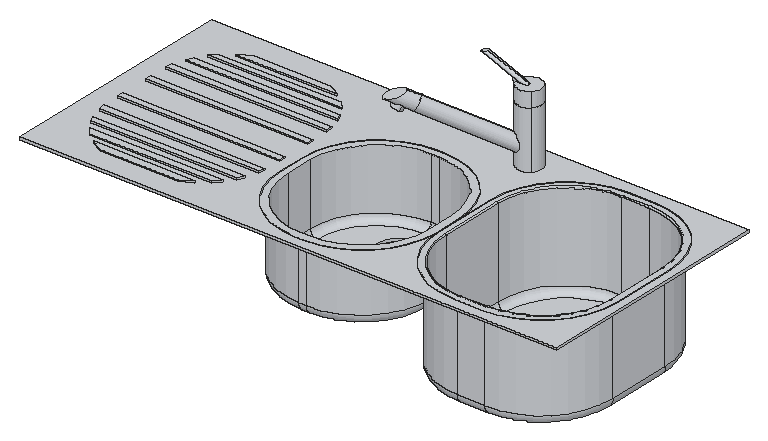
Revit family
Parameters (values of type "1120 x 500mm")
  Tap Material = none
  Material = none
  Manufacturer = "Revit"
  Description = "Sink"
  Assembly Code = ""
Reference planes
  plane 1 "Center (Front/Back)": y = 0
  plane 2: z = 0
  plane 3 "Center (Left/Right)": x = 0
  plane 4: z = 850
Forms (mm)
  Extrusion 1, solid, material <- "Material"
    sketch origin (541.731, 0, 650) x (1, 0, 0) y (0, 1, 0)
      loop
        arc (-325.184, -69.583) -> (-292.878, -147.577) -> (-214.885, -179.883) r 110.3
        line (-214.885, -179.883) -> (-157.084, -179.883)
        arc (-157.084, -179.883) -> (-79.09, -147.577) -> (-46.784, -69.583) r 110.3
        line (-46.784, -69.583) -> (-46.784, 67.191)
        arc (-46.784, 67.191) -> (-79.09, 145.185) -> (-157.084, 177.491) r 110.3
        line (-157.084, 177.491) -> (-214.885, 177.491)
        arc (-214.885, 177.491) -> (-292.878, 145.185) -> (-325.184, 67.191) r 110.3
        line (-325.184, 67.191) -> (-325.184, -69.583)
      loop
        circle (-185.984, 113.214) r 47.433
    from -5 to 0
  Sweep 2, solid, material <- "Material"
    path origin (541.731, 0, 650) x (1, 0, 0) y (0, 1, 0)
      loop
        arc (-354.885, -69.583) -> (-313.88, -168.578) -> (-214.885, -209.583) r 140
        line (-214.885, -209.583) -> (-157.084, -209.583)
        arc (-157.084, -209.583) -> (-58.089, -168.578) -> (-17.084, -69.583) r 140
        line (-17.084, -69.583) -> (-17.084, 67.191)
        arc (-17.084, 67.191) -> (-58.089, 166.186) -> (-157.084, 207.191) r 140
        line (-157.084, 207.191) -> (-214.885, 207.191)
        arc (-214.885, 207.191) -> (-313.88, 166.186) -> (-354.885, 67.191) r 140
        line (-354.885, 67.191) -> (-354.885, -69.583)
    profile origin (0, -1.196, 0) x (-1, 0, 0) y (0, 0, 1)
      loop
        line (-168.846, 850) -> (-181.857, 850)
        arc (-181.857, 850) -> (-183.264, 849.417) -> (-183.846, 848.011) r 1.989
        line (-183.846, 848.011) -> (-183.846, 665)
        arc (-183.846, 665) -> (-188.24, 654.393) -> (-198.846, 650) r 15
        line (-198.846, 650) -> (-216.546, 650) -> (-216.546, 645) -> (-198.846, 645)
        arc (-198.846, 645) -> (-184.704, 650.858) -> (-178.846, 665) r 20
        line (-178.846, 665) -> (-178.846, 845) -> (-168.846, 845) -> (-168.846, 850)
  Sweep 3, solid, material <- "Material"
    path origin (-9.13, -15, 0) x (1, 0, 0) y (0, 1, 0)
      loop
        line (-134.338, 0.793) -> (-134.338, -58.011)
        arc (-134.338, -58.011) -> (-93.333, -157.006) -> (5.662, -198.011) r 140
        line (5.662, -198.011) -> (21.646, -198.011)
        arc (21.646, -198.011) -> (120.641, -157.006) -> (161.646, -58.011) r 140
        line (161.646, -58.011) -> (161.646, 0.793)
        arc (161.646, 0.793) -> (120.641, 99.788) -> (21.646, 140.793) r 140
        line (21.646, 140.793) -> (5.662, 140.793)
        arc (5.662, 140.793) -> (-93.333, 99.788) -> (-134.338, 0.793) r 140
    profile origin (0, -43.609, 0) x (1, 0, 0) y (0, 0, 1)
      loop
        line (-158.468, 850) -> (-158.468, 845) -> (-148.468, 845) -> (-148.468, 721.944)
        arc (-148.468, 721.944) -> (-142.61, 707.802) -> (-128.468, 701.944) r 20
        line (-128.468, 701.944) -> (-110.768, 701.944) -> (-110.768, 706.944) -> (-128.468, 706.944)
        arc (-128.468, 706.944) -> (-139.075, 711.338) -> (-143.468, 721.944) r 15
        line (-143.468, 721.944) -> (-143.468, 850) -> (-158.468, 850)
  Extrusion 4, solid, material <- "Material"
    sketch origin (192.75, -74.178, 650) x (1, 0, 0) y (0, 1, 0)
      loop
        line (-180.234, 167.271) -> (-196.218, 167.271)
        arc (-196.218, 167.271) -> (-272.091, 135.844) -> (-303.518, 59.972) r 107.3
        line (-303.518, 59.972) -> (-303.518, 1.167)
        arc (-303.518, 1.167) -> (-272.091, -74.705) -> (-196.218, -106.133) r 107.3
        line (-196.218, -106.133) -> (-180.234, -106.133)
        arc (-180.234, -106.133) -> (-104.362, -74.705) -> (-72.934, 1.167) r 107.3
        line (-72.934, 1.167) -> (-72.934, 59.972)
        arc (-72.934, 59.972) -> (-104.362, 135.844) -> (-180.234, 167.271) r 107.3
      loop
        circle (-188.427, 109.786) r 47.433
    from 51.944 to 56.944
  Extrusion 5, solid
    sketch origin (0, 0, 650) x (1, 0, 0) y (0, 1, 0)
      loop
        line (-560, 250.228) -> (-560, -249.772) -> (560, -249.772) -> (560, 250.228) -> (-560, 250.228)
      loop
        arc (-3.468, 140.793) -> (-113.07, 95.395) -> (-158.468, -14.207) r 155
        line (-158.468, -14.207) -> (-158.468, -73.011)
        arc (-158.468, -73.011) -> (-113.07, -182.613) -> (-3.468, -228.011) r 155
        line (-3.468, -228.011) -> (12.516, -228.011)
        arc (12.516, -228.011) -> (122.118, -182.613) -> (167.516, -73.011) r 155
        line (167.516, -73.011) -> (167.516, -14.207)
        arc (167.516, -14.207) -> (122.118, 95.395) -> (12.516, 140.793) r 155
        line (12.516, 140.793) -> (-3.468, 140.793)
      loop
        arc (326.846, 225.191) -> (215.123, 178.914) -> (168.846, 67.191) r 158
        line (168.846, 67.191) -> (168.846, -69.583)
        arc (168.846, -69.583) -> (215.123, -181.306) -> (326.846, -227.583) r 158
        line (326.846, -227.583) -> (384.647, -227.583)
        arc (384.647, -227.583) -> (496.37, -181.306) -> (542.647, -69.583) r 158
        line (542.647, -69.583) -> (542.647, 67.191)
        arc (542.647, 67.191) -> (496.37, 178.914) -> (384.647, 225.191) r 158
        line (384.647, 225.191) -> (326.846, 225.191)
    from 195 to 200
  Extrusion 6, solid, detail levels medium+fine
    sketch origin (0, 0, 850) x (1, 0, 0) y (0, 1, 0)
      loop
        arc (-428.457, 194.228) -> (-441.991, 188.115) -> (-454.801, 180.602) r 140
        line (-454.801, 180.602) -> (-242.745, 180.602)
        arc (-242.745, 180.602) -> (-255.555, 188.115) -> (-269.089, 194.228) r 140
        line (-269.089, 194.228) -> (-428.457, 194.228)
      loop
        arc (-475.85, 163.57) -> (-482.149, 156.955) -> (-488.004, 149.944) r 140
        line (-488.004, 149.944) -> (-209.542, 149.944)
        arc (-209.542, 149.944) -> (-215.396, 156.955) -> (-221.696, 163.57) r 140
        line (-221.696, 163.57) -> (-475.85, 163.57)
      loop
        arc (-500.821, 130.357) -> (-504.227, 123.63) -> (-507.267, 116.731) r 140
        line (-507.267, 116.731) -> (-190.279, 116.731)
        arc (-190.279, 116.731) -> (-193.319, 123.63) -> (-196.725, 130.357) r 140
        line (-196.725, 130.357) -> (-500.821, 130.357)
      loop
        arc (-515.129, 90.331) -> (-516.269, 83.542) -> (-517.074, 76.705) r 140
        line (-517.074, 76.705) -> (-180.472, 76.705)
        arc (-180.472, 76.705) -> (-181.277, 83.542) -> (-182.417, 90.331) r 140
        line (-182.417, 90.331) -> (-515.129, 90.331)
      loop
        line (-517.673, 38.382) -> (-517.673, 24.756) -> (-179.873, 24.756) -> (-179.873, 38.382) -> (-517.673, 38.382)
      loop
        line (-517.673, -34.004) -> (-517.673, -47.63) -> (-179.873, -47.63) -> (-179.873, -34.004) -> (-517.673, -34.004)
      loop
        arc (-517.074, -85.952) -> (-516.269, -92.789) -> (-515.129, -99.578) r 140
        line (-515.129, -99.578) -> (-182.417, -99.578)
        arc (-182.417, -99.578) -> (-181.277, -92.789) -> (-180.472, -85.952) r 140
        line (-180.472, -85.952) -> (-517.074, -85.952)
      loop
        arc (-507.267, -125.978) -> (-504.227, -132.878) -> (-500.821, -139.604) r 140
        line (-500.821, -139.604) -> (-196.725, -139.604)
        arc (-196.725, -139.604) -> (-193.319, -132.878) -> (-190.279, -125.978) r 140
        line (-190.279, -125.978) -> (-507.267, -125.978)
      loop
        arc (-488.004, -159.192) -> (-482.149, -166.203) -> (-475.85, -172.817) r 140
        line (-475.85, -172.817) -> (-221.696, -172.817)
        arc (-221.696, -172.817) -> (-215.396, -166.203) -> (-209.542, -159.192) r 140
        line (-209.542, -159.192) -> (-488.004, -159.192)
      loop
        arc (-454.801, -189.85) -> (-441.991, -197.362) -> (-428.457, -203.476) r 140
        line (-428.457, -203.476) -> (-269.089, -203.476)
        arc (-269.089, -203.476) -> (-255.555, -197.362) -> (-242.745, -189.85) r 140
        line (-242.745, -189.85) -> (-454.801, -189.85)
    from 0 to 3
Cuts and joins
  joined: Extrusion 1, Sweep 2, Sweep 3, Extrusion 4
Lines and regions (mm)
  symbolic lines
    curve 1: line (-560, 250.228, 0) -> (560, 250.228, 0)
    curve 2: line (560, 250.228, 0) -> (560, -249.772, 0)
    curve 3: line (560, -249.772, 0) -> (-560, -249.772, 0)
    curve 4: line (-560, -249.772, 0) -> (-560, 250.228, 0)
    curve 5: line (-148.762, 139.066, 0) -> (155.735, 139.066, 0)
    curve 6: arc (155.735, 139.066, 0) -> (181.902, 145.072, 0) -> (202.83, 161.889, 0) r 60
    curve 7: arc (202.83, 161.889, 0) -> (257.94, 206.174, 0) -> (326.846, 221.991, 0) r 158
    curve 8: line (326.846, 221.991, 0) -> (384.647, 221.991, 0)
    curve 9: arc (384.647, 221.991, 0) -> (496.37, 175.714, 0) -> (542.647, 63.991, 0) r 158
    curve 10: line (542.647, 63.991, 0) -> (542.647, -72.783, 0)
    curve 11: arc (542.647, -72.783, 0) -> (496.37, -184.506, 0) -> (384.647, -230.783, 0) r 158
    curve 12: line (384.647, -230.783, 0) -> (326.846, -230.783, 0)
    curve 13: line (326.846, -230.783, 0) -> (-377.673, -230.783, 0)
    curve 14: arc (-377.673, -230.783, 0) -> (-489.396, -184.506, 0) -> (-535.673, -72.783, 0) r 158
    curve 15: line (-535.673, -72.783, 0) -> (-535.673, 63.991, 0)
    curve 16: arc (-535.673, 63.991, 0) -> (-489.396, 175.714, 0) -> (-377.673, 221.991, 0) r 158
    curve 17: line (-377.673, 221.991, 0) -> (-319.873, 221.991, 0)
    curve 18: arc (-319.873, 221.991, 0) -> (-250.966, 206.174, 0) -> (-195.857, 161.889, 0) r 158
    curve 19: arc (-195.857, 161.889, 0) -> (-174.929, 145.072, 0) -> (-148.762, 139.066, 0) r 60
    curve 20: arc (326.846, 203.991, 0) -> (227.851, 162.986, 0) -> (186.846, 63.991, 0) r 140
    curve 21: line (186.846, 63.991, 0) -> (186.846, -72.783, 0)
    curve 22: arc (186.846, -72.783, 0) -> (227.851, -171.778, 0) -> (326.846, -212.783, 0) r 140
    curve 23: line (326.846, -212.783, 0) -> (384.647, -212.783, 0)
    curve 24: arc (384.647, -212.783, 0) -> (483.642, -171.778, 0) -> (524.647, -72.783, 0) r 140
    curve 25: line (524.647, -72.783, 0) -> (524.647, 63.991, 0)
    curve 26: arc (524.647, 63.991, 0) -> (483.642, 162.986, 0) -> (384.647, 203.991, 0) r 140
    curve 27: line (384.647, 203.991, 0) -> (326.846, 203.991, 0)
    curve 28: arc (415.603, 110.014, 0) -> (355.746, 169.871, 0) -> (295.89, 110.014, 0) r 59.856
    curve 29: arc (295.89, 110.014, 0) -> (355.746, 50.158, 0) -> (415.603, 110.014, 0) r 59.856
    curve 30: arc (403.18, 110.014, 0) -> (355.746, 157.448, 0) -> (308.313, 110.014, 0) r 47.433
    curve 31: arc (308.313, 110.014, 0) -> (355.746, 62.581, 0) -> (403.18, 110.014, 0) r 47.433
    curve 32: line (355.746, 128.073, 0) -> (355.746, 184.507, 0)
    curve 33: line (373.805, 110.014, 0) -> (430.239, 110.014, 0)
    curve 34: line (355.746, 91.956, 0) -> (355.746, 35.522, 0)
    curve 35: line (337.688, 110.014, 0) -> (281.254, 110.014, 0)
    curve 36: line (-143.468, -6.824, 0) -> (-143.468, -72.783, 0)
    curve 37: arc (-143.468, -72.783, 0) -> (-113.988, -169.597, 0) -> (-22.462, -212.783, 0) r 124.888
    curve 38: line (-22.462, -212.783, 0) -> (35.339, -212.783, 0)
    curve 39: arc (35.339, -212.783, 0) -> (125.372, -169.101, 0) -> (152.516, -72.783, 0) r 122.107
    curve 40: line (152.516, -72.783, 0) -> (152.516, -13.979, 0)
    curve 41: arc (152.516, -13.979, 0) -> (125.372, 82.34, 0) -> (35.339, 126.021, 0) r 122.107
    curve 42: line (35.339, 126.021, 0) -> (-22.462, 126.021, 0)
    curve 43: arc (-22.462, 126.021, 0) -> (-113.988, 82.835, 0) -> (-143.468, -13.979, 0) r 124.888
    curve 44: arc (64.179, 35.836, 0) -> (4.323, 95.693, 0) -> (-55.533, 35.836, 0) r 59.856
    curve 45: arc (-55.533, 35.836, 0) -> (4.323, -24.02, 0) -> (64.179, 35.836, 0) r 59.856
    curve 46: arc (51.756, 35.836, 0) -> (4.323, 83.27, 0) -> (-43.11, 35.836, 0) r 47.433
    curve 47: arc (-43.11, 35.836, 0) -> (4.323, -11.597, 0) -> (51.756, 35.836, 0) r 47.433
    curve 48: line (22.382, 35.836, 0) -> (78.816, 35.836, 0)
    curve 49: line (-13.736, 35.836, 0) -> (-70.17, 35.836, 0)
    curve 50: line (4.323, 17.777, 0) -> (4.323, -38.656, 0)
    curve 51: line (4.323, 53.895, 0) -> (4.323, 18.783, 0)
    curve 52: line (-377.673, 203.991, 0) -> (-319.873, 203.991, 0)
    curve 53: arc (-319.873, 203.991, 0) -> (-220.878, 162.986, 0) -> (-179.873, 63.991, 0) r 140
    curve 54: line (-179.873, 63.991, 0) -> (-179.873, -72.783, 0)
    curve 55: arc (-179.873, -72.783, 0) -> (-220.878, -171.778, 0) -> (-319.873, -212.783, 0) r 140
    curve 56: line (-319.873, -212.783, 0) -> (-377.673, -212.783, 0)
    curve 57: arc (-377.673, -212.783, 0) -> (-476.668, -171.778, 0) -> (-517.673, -72.783, 0) r 140
    curve 58: line (-517.673, -72.783, 0) -> (-517.673, 63.991, 0)
    curve 59: arc (-517.673, 63.991, 0) -> (-476.668, 162.986, 0) -> (-377.673, 203.991, 0) r 140
    curve 60: line (-428.457, 194.456, 0) -> (-269.089, 194.456, 0)
    curve 61: line (-454.801, 180.83, 0) -> (-242.745, 180.83, 0)
    curve 62: line (-475.85, 163.798, 0) -> (-221.696, 163.798, 0)
    curve 63: line (-488.004, 150.172, 0) -> (-209.542, 150.172, 0)
    curve 64: line (-500.821, 130.585, 0) -> (-196.725, 130.585, 0)
    curve 65: line (-507.267, 116.959, 0) -> (-190.279, 116.959, 0)
    curve 66: line (-515.129, 90.559, 0) -> (-182.417, 90.559, 0)
    curve 67: line (-517.074, 76.933, 0) -> (-180.472, 76.933, 0)
    curve 68: line (-517.673, 38.61, 0) -> (-179.873, 38.61, 0)
    curve 69: line (-517.673, 24.984, 0) -> (-179.873, 24.984, 0)
    curve 70: line (-517.673, -33.776, 0) -> (-179.873, -33.776, 0)
    curve 71: line (-517.673, -47.401, 0) -> (-179.873, -47.401, 0)
    curve 72: line (-517.074, -85.724, 0) -> (-180.472, -85.724, 0)
    curve 73: line (-515.129, -99.35, 0) -> (-182.417, -99.35, 0)
    curve 74: line (-507.267, -125.75, 0) -> (-190.279, -125.75, 0)
    curve 75: line (-500.821, -139.376, 0) -> (-196.725, -139.376, 0)
    curve 76: line (-488.004, -158.964, 0) -> (-209.542, -158.964, 0)
    curve 77: line (-475.85, -172.589, 0) -> (-221.696, -172.589, 0)
    curve 78: line (-454.801, -189.622, 0) -> (-242.745, -189.622, 0)
    curve 79: line (-428.457, -203.248, 0) -> (-269.089, -203.248, 0)
Dimensions and locks
  aligned and locked: plane 4 to nested 1
  aligned and locked: Sweep 3 to Extrusion 4
  aligned and locked: Extrusion 4 to Sweep 3
Nested families
  nested 1: "Tap" at (144.843, 198.125, 850) x (0.7547, -0.6561, 0) z (0, 0, 1), type "Tap"
Definition of nested family "Tap"
  Parameters
    Tap Material = none
  Reference planes
    plane 1 "Center (Front/Back)": y = 0
    plane 2: z = 0
    plane 3 "Center (Left/Right)": x = 0
    plane 4: z = 50
    plane 5: z = 150
    plane 6: through (0, 6.419, 11.669) normal (0, -0.482, -0.8762)
    plane 7 "1": through (0, 0, 0) normal (-0.7071, 0.7071, 0)
  Forms (mm)
    Extrusion 1, solid, material <- "Tap Material"
      sketch origin (0, 0, 0) x (1, 0, 0) y (0, 1, 0)
        loop
          circle (0, 0) r 25
      from 0 to 120
    Extrusion 2, solid, material <- "Tap Material"
      sketch origin (0, 0, 120) x (1, 0, 0) y (0, 1, 0)
        loop
          circle (0, 0) r 25
      from 0 to 30
    Sweep 3, solid, material <- "Tap Material"
      path origin (0, 0, 0) x (0, 1, 0) y (0, 0, 1)
        loop
          line (-7.059, 38.349) -> (-187.156, 137.42)
      profile origin (0, -111.663, 61.425) x (0, -0.481984, -0.87618) y (1, 0, 0)
        loop
          circle (-28.318, 0) r 15
    Sweep 4, solid, material <- "Tap Material"
      path origin (0, 0, 0) x (0, 1, 0) y (0, 0, 1)
        loop
          line (-188.063, 135.772) -> (-236.252, 162.281)
      profile origin (0, -225.806, 124.215) x (0, -0.481984, -0.87618) y (1, 0, 0)
        loop
          circle (-28.318, 0) r 15
    Extrusion 5, void
      sketch origin (0, 0, 0) x (0, -1, 0) y (0, 0, 1)
        loop
          line (202.737, 160.964) -> (243.482, 149.139) -> (229.023, 175.424) -> (202.737, 160.964)
      from -54.803 to 30
    Extrusion 6, solid, material <- "Tap Material"
      sketch origin (0, 6.419, 11.669) x (0, -0.87618, 0.481984) y (-1, 0, 0)
        loop
          circle (255.217, 0) r 11
      from -7.514 to 6.121
    Sweep 7, solid, material <- "Tap Material"
      path origin (0, 0, 0) x (-0.707107, -0.707107, 0) y (0, 0, 1)
        loop
          line (1.612, 146.811) -> (92.243, 189.073)
      profile origin (-72.741, -72.741, 47.97) x (0.298836, 0.298836, 0.906308) y (-0.707107, 0.707107, 0)
        loop
          circle (131.377, 0) r 5
    Extrusion 8, solid, material <- "Tap Material"
      sketch origin (0, 0, 0) x (-0.707107, -0.707107, 0) y (0, 0, 1)
        loop
          line (30.984, 158.177) -> (9.675, 150.421) -> (9.675, 133.671) -> (26.663, 133.671) -> (30.984, 158.177)
      from -4.433 to 4.388
    Extrusion 9, void
      sketch origin (0, 0, 0) x (0.707107, 0.707107, 0) y (0, 0, 1)
        loop
          line (-99.984, 182.242) -> (-73.884, 189.236) -> (-99.984, 198.735) -> (-99.984, 182.242)
      from -20.858 to 30
  Cuts and joins
    Extrusion 5, Extrusion 9 cuts Extrusion 1
    Extrusion 5, Extrusion 9 cuts Sweep 3
    joined: Extrusion 1, Sweep 3
    Extrusion 5, Extrusion 9 cuts Extrusion 2
    Extrusion 9 cuts Sweep 7
    Extrusion 9 cuts Extrusion 8
    joined: Extrusion 2, Sweep 7, Extrusion 8
    Extrusion 5, Extrusion 9 cuts Sweep 4
    Extrusion 9 cuts Extrusion 6
    joined: Sweep 4, Extrusion 6
